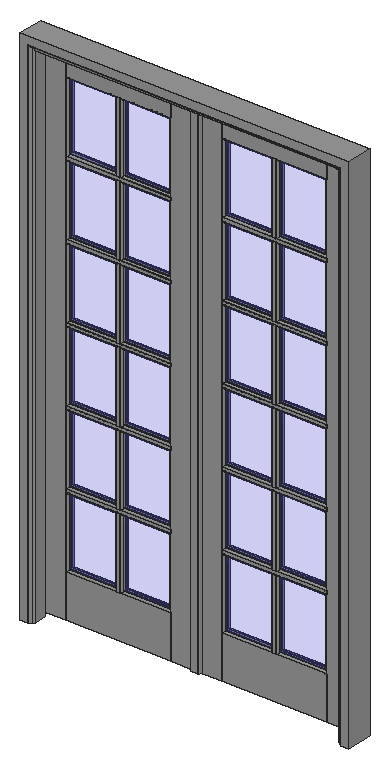
Revit family "I12LIGHT", category Doors, host Wall, Revit 2013
Parameters (values of type "I12LIGHT")
  Function = Interior
  Frame Projection Ext. = 25 mm
  Frame Projection Int. = 25 mm
  Frame Width = 75 mm
  Height = 2090 mm
  Wall Closure = By host
  Width = 1306 mm
Reference planes
  plane 1: y = 0
  plane 2 "Center (Left/Right)": x = 0
  plane 3 "Left": x = -653
  plane 4 "Right": x = 653
  plane 5: z = 2090
  plane 6 "Exterior": y = 75
  plane 7 "Interior": y = -75
  plane 8: z = 1947
  plane 9: z = 1681.667
Forms (mm)
  Sweep 1, solid, material "Lauan, Meranti"
    path origin (0, 75, 0) x (1, 0, 0) y (0, 0, 1)
      loop
        line (653, 0) -> (653, 2090) -> (-653, 2090) -> (-653, 0)
    profile "Van Acht 105x50 Door Frame Routed Profile (Heavy) : Van Acht 105x50 Door Frame Routed Profile (Heavy)" origin (653, 75, 1045) x (-1, 0, 0) y (0, -1, 0)
      loop
        line (0, 22.5) -> (38, 22.5) -> (38, 67.5) -> (50, 67.5) -> (50, 112.5)
        arc (50, 112.5) -> (44.957, 114.29) -> (42.17, 118.859) r 8
        line (42.17, 118.859) -> (39, 118.859)
        arc (39, 118.859) -> (35.311, 122.973) -> (30, 124.5) r 10
        line (30, 124.5) -> (30, 127.5) -> (0, 127.5) -> (0, 22.5)
  Extrusion 2, solid, material "Lauan, Meranti"
    sketch origin (207.949, -85, 0) x (0, 1, 0) y (0, 0, 1)
      loop
        line (132.5, 20) -> (132.5, 191) -> (102.5, 191) -> (102.5, 200) -> (100.5, 200) -> (100.5, 198)
        arc (100.5, 198) -> (96.134, 195.67) -> (94.5, 191) r 6.807
        line (94.5, 191) -> (92.5, 191) -> (92.5, 20) -> (132.5, 20)
      loop
        line (102.5, 1956) -> (132.5, 1956) -> (132.5, 2052) -> (92.5, 2052) -> (92.5, 1956) -> (94.5, 1956)
        arc (94.5, 1956) -> (96.134, 1951.33) -> (100.5, 1949) r 6.807
        line (100.5, 1949) -> (100.5, 1947) -> (102.5, 1947) -> (102.5, 1956)
    from -106.949 to 311.051
  Extrusion 3, solid, material "Lauan, Meranti"
    sketch origin (0, 0, 0) x (1, 0, 0) y (0, 1, 0)
      loop
        line (519, 17.5) -> (510, 17.5) -> (510, 15.5) -> (512, 15.5)
        arc (512, 15.5) -> (514.33, 11.134) -> (519, 9.5) r 6.807
        line (519, 9.5) -> (519, 7.5) -> (615, 7.5) -> (615, 47.5) -> (519, 47.5) -> (519, 17.5)
      loop
        line (101, 17.5) -> (101, 47.5) -> (5, 47.5) -> (5, 7.5) -> (101, 7.5) -> (101, 9.5)
        arc (101, 9.5) -> (105.67, 11.134) -> (108, 15.5) r 6.807
        line (108, 15.5) -> (110, 15.5) -> (110, 17.5) -> (101, 17.5)
    from 20 to 2052
  Extrusion 4, solid, material "Lauan, Meranti"
    sketch origin (0, 0, 1439.918) x (1, 0, 0) y (0, 1, 0)
      loop
        line (294.5, 17.5) -> (294.5, 15.5) -> (296.5, 15.5)
        arc (296.5, 15.5) -> (298.83, 11.134) -> (303.5, 9.5) r 6.807
        line (303.5, 9.5) -> (303.5, 7.5) -> (316.5, 7.5) -> (316.5, 9.5)
        arc (316.5, 9.5) -> (321.17, 11.134) -> (323.5, 15.5) r 6.807
        line (323.5, 15.5) -> (325.5, 15.5) -> (325.5, 17.5) -> (316.5, 17.5) -> (316.5, 47.5) -> (303.5, 47.5) -> (303.5, 17.5) -> (294.5, 17.5)
    from 232.749 to 516.082
  Extrusion 5, solid, material "Lauan, Meranti"
    sketch origin (0, 0, 0) x (0, 1, 0) y (0, 0, 1)
      loop
        line (17.5, 1650.667) -> (17.5, 1659.667) -> (47.5, 1659.667) -> (47.5, 1672.667) -> (17.5, 1672.667) -> (17.5, 1681.667) -> (15.5, 1681.667) -> (15.5, 1679.667)
        arc (15.5, 1679.667) -> (11.134, 1677.337) -> (9.5, 1672.667) r 6.807
        line (9.5, 1672.667) -> (7.5, 1672.667) -> (7.5, 1659.667) -> (9.5, 1659.667)
        arc (9.5, 1659.667) -> (11.134, 1654.996) -> (15.5, 1652.667) r 6.807
        line (15.5, 1652.667) -> (15.5, 1650.667) -> (17.5, 1650.667)
    from 101 to 519
  Extrusion 6, solid, material "Lauan, Meranti"
    sketch origin (0, 0, 1143.584) x (1, 0, 0) y (0, 1, 0)
      loop
        line (294.5, 17.5) -> (294.5, 15.5) -> (296.5, 15.5)
        arc (296.5, 15.5) -> (298.83, 11.134) -> (303.5, 9.5) r 6.807
        line (303.5, 9.5) -> (303.5, 7.5) -> (316.5, 7.5) -> (316.5, 9.5)
        arc (316.5, 9.5) -> (321.17, 11.134) -> (323.5, 15.5) r 6.807
        line (323.5, 15.5) -> (325.5, 15.5) -> (325.5, 17.5) -> (316.5, 17.5) -> (316.5, 47.5) -> (303.5, 47.5) -> (303.5, 17.5) -> (294.5, 17.5)
    from 232.749 to 516.082
  Extrusion 7, solid, material "Lauan, Meranti"
    sketch origin (0, 0, -296.333) x (0, 1, 0) y (0, 0, 1)
      loop
        line (17.5, 1650.667) -> (17.5, 1659.667) -> (47.5, 1659.667) -> (47.5, 1672.667) -> (17.5, 1672.667) -> (17.5, 1681.667) -> (15.5, 1681.667) -> (15.5, 1679.667)
        arc (15.5, 1679.667) -> (11.134, 1677.337) -> (9.5, 1672.667) r 6.807
        line (9.5, 1672.667) -> (7.5, 1672.667) -> (7.5, 1659.667) -> (9.5, 1659.667)
        arc (9.5, 1659.667) -> (11.134, 1654.996) -> (15.5, 1652.667) r 6.807
        line (15.5, 1652.667) -> (15.5, 1650.667) -> (17.5, 1650.667)
    from 101 to 519
  Extrusion 8, solid, material "Lauan, Meranti"
    sketch origin (0, 0, 847.251) x (1, 0, 0) y (0, 1, 0)
      loop
        line (294.5, 17.5) -> (294.5, 15.5) -> (296.5, 15.5)
        arc (296.5, 15.5) -> (298.83, 11.134) -> (303.5, 9.5) r 6.807
        line (303.5, 9.5) -> (303.5, 7.5) -> (316.5, 7.5) -> (316.5, 9.5)
        arc (316.5, 9.5) -> (321.17, 11.134) -> (323.5, 15.5) r 6.807
        line (323.5, 15.5) -> (325.5, 15.5) -> (325.5, 17.5) -> (316.5, 17.5) -> (316.5, 47.5) -> (303.5, 47.5) -> (303.5, 17.5) -> (294.5, 17.5)
    from 232.749 to 516.082
  Extrusion 9, solid, material "Lauan, Meranti"
    sketch origin (0, 0, -592.667) x (0, 1, 0) y (0, 0, 1)
      loop
        line (17.5, 1650.667) -> (17.5, 1659.667) -> (47.5, 1659.667) -> (47.5, 1672.667) -> (17.5, 1672.667) -> (17.5, 1681.667) -> (15.5, 1681.667) -> (15.5, 1679.667)
        arc (15.5, 1679.667) -> (11.134, 1677.337) -> (9.5, 1672.667) r 6.807
        line (9.5, 1672.667) -> (7.5, 1672.667) -> (7.5, 1659.667) -> (9.5, 1659.667)
        arc (9.5, 1659.667) -> (11.134, 1654.996) -> (15.5, 1652.667) r 6.807
        line (15.5, 1652.667) -> (15.5, 1650.667) -> (17.5, 1650.667)
    from 101 to 519
  Extrusion 10, solid, material "Lauan, Meranti"
    sketch origin (0, 0, 550.918) x (1, 0, 0) y (0, 1, 0)
      loop
        line (294.5, 17.5) -> (294.5, 15.5) -> (296.5, 15.5)
        arc (296.5, 15.5) -> (298.83, 11.134) -> (303.5, 9.5) r 6.807
        line (303.5, 9.5) -> (303.5, 7.5) -> (316.5, 7.5) -> (316.5, 9.5)
        arc (316.5, 9.5) -> (321.17, 11.134) -> (323.5, 15.5) r 6.807
        line (323.5, 15.5) -> (325.5, 15.5) -> (325.5, 17.5) -> (316.5, 17.5) -> (316.5, 47.5) -> (303.5, 47.5) -> (303.5, 17.5) -> (294.5, 17.5)
    from 232.749 to 516.082
  Extrusion 11, solid, material "Lauan, Meranti"
    sketch origin (0, 0, -889) x (0, 1, 0) y (0, 0, 1)
      loop
        line (17.5, 1650.667) -> (17.5, 1659.667) -> (47.5, 1659.667) -> (47.5, 1672.667) -> (17.5, 1672.667) -> (17.5, 1681.667) -> (15.5, 1681.667) -> (15.5, 1679.667)
        arc (15.5, 1679.667) -> (11.134, 1677.337) -> (9.5, 1672.667) r 6.807
        line (9.5, 1672.667) -> (7.5, 1672.667) -> (7.5, 1659.667) -> (9.5, 1659.667)
        arc (9.5, 1659.667) -> (11.134, 1654.996) -> (15.5, 1652.667) r 6.807
        line (15.5, 1652.667) -> (15.5, 1650.667) -> (17.5, 1650.667)
    from 101 to 519
  Extrusion 12, solid, material "Lauan, Meranti"
    sketch origin (0, 0, 254.584) x (1, 0, 0) y (0, 1, 0)
      loop
        line (294.5, 17.5) -> (294.5, 15.5) -> (296.5, 15.5)
        arc (296.5, 15.5) -> (298.83, 11.134) -> (303.5, 9.5) r 6.807
        line (303.5, 9.5) -> (303.5, 7.5) -> (316.5, 7.5) -> (316.5, 9.5)
        arc (316.5, 9.5) -> (321.17, 11.134) -> (323.5, 15.5) r 6.807
        line (323.5, 15.5) -> (325.5, 15.5) -> (325.5, 17.5) -> (316.5, 17.5) -> (316.5, 47.5) -> (303.5, 47.5) -> (303.5, 17.5) -> (294.5, 17.5)
    from 232.749 to 516.082
  Extrusion 13, solid, material "Lauan, Meranti"
    sketch origin (0, 0, -1185.333) x (0, 1, 0) y (0, 0, 1)
      loop
        line (17.5, 1650.667) -> (17.5, 1659.667) -> (47.5, 1659.667) -> (47.5, 1672.667) -> (17.5, 1672.667) -> (17.5, 1681.667) -> (15.5, 1681.667) -> (15.5, 1679.667)
        arc (15.5, 1679.667) -> (11.134, 1677.337) -> (9.5, 1672.667) r 6.807
        line (9.5, 1672.667) -> (7.5, 1672.667) -> (7.5, 1659.667) -> (9.5, 1659.667)
        arc (9.5, 1659.667) -> (11.134, 1654.996) -> (15.5, 1652.667) r 6.807
        line (15.5, 1652.667) -> (15.5, 1650.667) -> (17.5, 1650.667)
    from 101 to 519
  Extrusion 14, solid, material "Lauan, Meranti"
    sketch origin (0, 0, -41.749) x (1, 0, 0) y (0, 1, 0)
      loop
        line (294.5, 17.5) -> (294.5, 15.5) -> (296.5, 15.5)
        arc (296.5, 15.5) -> (298.83, 11.134) -> (303.5, 9.5) r 6.807
        line (303.5, 9.5) -> (303.5, 7.5) -> (316.5, 7.5) -> (316.5, 9.5)
        arc (316.5, 9.5) -> (321.17, 11.134) -> (323.5, 15.5) r 6.807
        line (323.5, 15.5) -> (325.5, 15.5) -> (325.5, 17.5) -> (316.5, 17.5) -> (316.5, 47.5) -> (303.5, 47.5) -> (303.5, 17.5) -> (294.5, 17.5)
    from 232.749 to 516.082
  Extrusion 15, solid, material "Glass"
    sketch origin (0, 75, 0) x (1, 0, 0) y (0, 0, 1)
      loop
        line (519, 1956) -> (316.5, 1956) -> (316.5, 1672.667) -> (519, 1672.667) -> (519, 1956)
    from 49.5 to 57.5
  Extrusion 16, solid, material "Glass"
    sketch origin (-215.5, 75, 0) x (1, 0, 0) y (0, 0, 1)
      loop
        line (519, 1956) -> (316.5, 1956) -> (316.5, 1672.667) -> (519, 1672.667) -> (519, 1956)
    from 49.5 to 57.5
  Extrusion 17, solid, material "Glass"
    sketch origin (0, 75, -296.333) x (1, 0, 0) y (0, 0, 1)
      loop
        line (519, 1956) -> (316.5, 1956) -> (316.5, 1672.667) -> (519, 1672.667) -> (519, 1956)
    from 49.5 to 57.5
  Extrusion 18, solid, material "Glass"
    sketch origin (-215.5, 75, -296.333) x (1, 0, 0) y (0, 0, 1)
      loop
        line (519, 1956) -> (316.5, 1956) -> (316.5, 1672.667) -> (519, 1672.667) -> (519, 1956)
    from 49.5 to 57.5
  Extrusion 19, solid, material "Glass"
    sketch origin (0, 75, -592.667) x (1, 0, 0) y (0, 0, 1)
      loop
        line (519, 1956) -> (316.5, 1956) -> (316.5, 1672.667) -> (519, 1672.667) -> (519, 1956)
    from 49.5 to 57.5
  Extrusion 20, solid, material "Glass"
    sketch origin (-215.5, 75, -592.667) x (1, 0, 0) y (0, 0, 1)
      loop
        line (519, 1956) -> (316.5, 1956) -> (316.5, 1672.667) -> (519, 1672.667) -> (519, 1956)
    from 49.5 to 57.5
  Extrusion 21, solid, material "Glass"
    sketch origin (0, 75, -889) x (1, 0, 0) y (0, 0, 1)
      loop
        line (519, 1956) -> (316.5, 1956) -> (316.5, 1672.667) -> (519, 1672.667) -> (519, 1956)
    from 49.5 to 57.5
  Extrusion 22, solid, material "Glass"
    sketch origin (-215.5, 75, -889) x (1, 0, 0) y (0, 0, 1)
      loop
        line (519, 1956) -> (316.5, 1956) -> (316.5, 1672.667) -> (519, 1672.667) -> (519, 1956)
    from 49.5 to 57.5
  Extrusion 23, solid, material "Glass"
    sketch origin (0, 75, -1185.333) x (1, 0, 0) y (0, 0, 1)
      loop
        line (519, 1956) -> (316.5, 1956) -> (316.5, 1672.667) -> (519, 1672.667) -> (519, 1956)
    from 49.5 to 57.5
  Extrusion 24, solid, material "Glass"
    sketch origin (-215.5, 75, -1185.333) x (1, 0, 0) y (0, 0, 1)
      loop
        line (519, 1956) -> (316.5, 1956) -> (316.5, 1672.667) -> (519, 1672.667) -> (519, 1956)
    from 49.5 to 57.5
  Extrusion 25, solid, material "Glass"
    sketch origin (0, 75, -1481.667) x (1, 0, 0) y (0, 0, 1)
      loop
        line (519, 1956) -> (316.5, 1956) -> (316.5, 1672.667) -> (519, 1672.667) -> (519, 1956)
    from 49.5 to 57.5
  Extrusion 26, solid, material "Glass"
    sketch origin (-215.5, 75, -1481.667) x (1, 0, 0) y (0, 0, 1)
      loop
        line (519, 1956) -> (316.5, 1956) -> (316.5, 1672.667) -> (519, 1672.667) -> (519, 1956)
    from 49.5 to 57.5
  Sweep 27, solid, material "Lauan, Meranti"
    path origin (0, 75, 0) x (1, 0, 0) y (0, 0, 1)
      loop
        line (519, 1956) -> (316.5, 1956) -> (316.5, 1672.667) -> (519, 1672.667) -> (519, 1956)
    profile origin (417.75, 75, 1956) x (0, 0, -1) y (0, -1, 0)
      loop
        line (9, 49.5) -> (0, 49.5) -> (0, 41.5)
        arc (0, 41.5) -> (4.67, 43.134) -> (7, 47.5) r 6.807
        line (7, 47.5) -> (9, 47.5) -> (9, 49.5)
  Sweep 28, solid, material "Lauan, Meranti"
    path origin (-215.5, 75, 0) x (1, 0, 0) y (0, 0, 1)
      loop
        line (519, 1956) -> (316.5, 1956) -> (316.5, 1672.667) -> (519, 1672.667) -> (519, 1956)
    profile origin (202.25, 75, 1956) x (0, 0, -1) y (0, -1, 0)
      loop
        line (9, 49.5) -> (0, 49.5) -> (0, 41.5)
        arc (0, 41.5) -> (4.67, 43.134) -> (7, 47.5) r 6.807
        line (7, 47.5) -> (9, 47.5) -> (9, 49.5)
  Sweep 29, solid, material "Lauan, Meranti"
    path origin (0, 75, -296.322) x (1, 0, 0) y (0, 0, 1)
      loop
        line (519, 1956) -> (316.5, 1956) -> (316.5, 1672.667) -> (519, 1672.667) -> (519, 1956)
    profile origin (417.75, 75, 1659.678) x (0, 0, -1) y (0, -1, 0)
      loop
        line (9, 49.5) -> (0, 49.5) -> (0, 41.5)
        arc (0, 41.5) -> (4.67, 43.134) -> (7, 47.5) r 6.807
        line (7, 47.5) -> (9, 47.5) -> (9, 49.5)
  Sweep 30, solid, material "Lauan, Meranti"
    path origin (-215.5, 75, -296.322) x (1, 0, 0) y (0, 0, 1)
      loop
        line (519, 1956) -> (316.5, 1956) -> (316.5, 1672.667) -> (519, 1672.667) -> (519, 1956)
    profile origin (202.25, 75, 1659.678) x (0, 0, -1) y (0, -1, 0)
      loop
        line (9, 49.5) -> (0, 49.5) -> (0, 41.5)
        arc (0, 41.5) -> (4.67, 43.134) -> (7, 47.5) r 6.807
        line (7, 47.5) -> (9, 47.5) -> (9, 49.5)
  Sweep 31, solid, material "Lauan, Meranti"
    path origin (0, 75, -592.656) x (1, 0, 0) y (0, 0, 1)
      loop
        line (519, 1956) -> (316.5, 1956) -> (316.5, 1672.667) -> (519, 1672.667) -> (519, 1956)
    profile origin (417.75, 75, 1363.344) x (0, 0, -1) y (0, -1, 0)
      loop
        line (9, 49.5) -> (0, 49.5) -> (0, 41.5)
        arc (0, 41.5) -> (4.67, 43.134) -> (7, 47.5) r 6.807
        line (7, 47.5) -> (9, 47.5) -> (9, 49.5)
  Sweep 32, solid, material "Lauan, Meranti"
    path origin (-215.5, 75, -592.656) x (1, 0, 0) y (0, 0, 1)
      loop
        line (519, 1956) -> (316.5, 1956) -> (316.5, 1672.667) -> (519, 1672.667) -> (519, 1956)
    profile origin (202.25, 75, 1363.344) x (0, 0, -1) y (0, -1, 0)
      loop
        line (9, 49.5) -> (0, 49.5) -> (0, 41.5)
        arc (0, 41.5) -> (4.67, 43.134) -> (7, 47.5) r 6.807
        line (7, 47.5) -> (9, 47.5) -> (9, 49.5)
  Sweep 33, solid, material "Lauan, Meranti"
    path origin (0, 75, -888.989) x (1, 0, 0) y (0, 0, 1)
      loop
        line (519, 1956) -> (316.5, 1956) -> (316.5, 1672.667) -> (519, 1672.667) -> (519, 1956)
    profile origin (417.75, 75, 1067.011) x (0, 0, -1) y (0, -1, 0)
      loop
        line (9, 49.5) -> (0, 49.5) -> (0, 41.5)
        arc (0, 41.5) -> (4.67, 43.134) -> (7, 47.5) r 6.807
        line (7, 47.5) -> (9, 47.5) -> (9, 49.5)
  Sweep 34, solid, material "Lauan, Meranti"
    path origin (-215.5, 75, -888.989) x (1, 0, 0) y (0, 0, 1)
      loop
        line (519, 1956) -> (316.5, 1956) -> (316.5, 1672.667) -> (519, 1672.667) -> (519, 1956)
    profile origin (202.25, 75, 1067.011) x (0, 0, -1) y (0, -1, 0)
      loop
        line (9, 49.5) -> (0, 49.5) -> (0, 41.5)
        arc (0, 41.5) -> (4.67, 43.134) -> (7, 47.5) r 6.807
        line (7, 47.5) -> (9, 47.5) -> (9, 49.5)
  Sweep 35, solid, material "Lauan, Meranti"
    path origin (0, 75, -1185.322) x (1, 0, 0) y (0, 0, 1)
      loop
        line (519, 1956) -> (316.5, 1956) -> (316.5, 1672.667) -> (519, 1672.667) -> (519, 1956)
    profile origin (417.75, 75, 770.678) x (0, 0, -1) y (0, -1, 0)
      loop
        line (9, 49.5) -> (0, 49.5) -> (0, 41.5)
        arc (0, 41.5) -> (4.67, 43.134) -> (7, 47.5) r 6.807
        line (7, 47.5) -> (9, 47.5) -> (9, 49.5)
  Sweep 36, solid, material "Lauan, Meranti"
    path origin (-215.5, 75, -1185.322) x (1, 0, 0) y (0, 0, 1)
      loop
        line (519, 1956) -> (316.5, 1956) -> (316.5, 1672.667) -> (519, 1672.667) -> (519, 1956)
    profile origin (202.25, 75, 770.678) x (0, 0, -1) y (0, -1, 0)
      loop
        line (9, 49.5) -> (0, 49.5) -> (0, 41.5)
        arc (0, 41.5) -> (4.67, 43.134) -> (7, 47.5) r 6.807
        line (7, 47.5) -> (9, 47.5) -> (9, 49.5)
  Sweep 37, solid, material "Lauan, Meranti"
    path origin (0, 75, -1481.656) x (1, 0, 0) y (0, 0, 1)
      loop
        line (519, 1956) -> (316.5, 1956) -> (316.5, 1672.667) -> (519, 1672.667) -> (519, 1956)
    profile origin (417.75, 75, 474.344) x (0, 0, -1) y (0, -1, 0)
      loop
        line (9, 49.5) -> (0, 49.5) -> (0, 41.5)
        arc (0, 41.5) -> (4.67, 43.134) -> (7, 47.5) r 6.807
        line (7, 47.5) -> (9, 47.5) -> (9, 49.5)
  Sweep 38, solid, material "Lauan, Meranti"
    path origin (-215.5, 75, -1481.656) x (1, 0, 0) y (0, 0, 1)
      loop
        line (519, 1956) -> (316.5, 1956) -> (316.5, 1672.667) -> (519, 1672.667) -> (519, 1956)
    profile origin (202.25, 75, 474.344) x (0, 0, -1) y (0, -1, 0)
      loop
        line (9, 49.5) -> (0, 49.5) -> (0, 41.5)
        arc (0, 41.5) -> (4.67, 43.134) -> (7, 47.5) r 6.807
        line (7, 47.5) -> (9, 47.5) -> (9, 49.5)
  Extrusion 39, solid, material "Lauan, Meranti"
    sketch origin (-412.051, -85, 0) x (0, 1, 0) y (0, 0, 1)
      loop
        line (132.5, 20) -> (132.5, 191) -> (102.5, 191) -> (102.5, 200) -> (100.5, 200) -> (100.5, 198)
        arc (100.5, 198) -> (96.134, 195.67) -> (94.5, 191) r 6.807
        line (94.5, 191) -> (92.5, 191) -> (92.5, 20) -> (132.5, 20)
      loop
        line (102.5, 1956) -> (132.5, 1956) -> (132.5, 2052) -> (92.5, 2052) -> (92.5, 1956) -> (94.5, 1956)
        arc (94.5, 1956) -> (96.134, 1951.33) -> (100.5, 1949) r 6.807
        line (100.5, 1949) -> (100.5, 1947) -> (102.5, 1947) -> (102.5, 1956)
    from -106.949 to 311.051
  Extrusion 40, solid, material "Lauan, Meranti"
    sketch origin (-620, 0, 0) x (1, 0, 0) y (0, 1, 0)
      loop
        line (519, 17.5) -> (510, 17.5) -> (510, 15.5) -> (512, 15.5)
        arc (512, 15.5) -> (514.33, 11.134) -> (519, 9.5) r 6.807
        line (519, 9.5) -> (519, 7.5) -> (615, 7.5) -> (615, 47.5) -> (519, 47.5) -> (519, 17.5)
      loop
        line (101, 17.5) -> (101, 47.5) -> (5, 47.5) -> (5, 7.5) -> (101, 7.5) -> (101, 9.5)
        arc (101, 9.5) -> (105.67, 11.134) -> (108, 15.5) r 6.807
        line (108, 15.5) -> (110, 15.5) -> (110, 17.5) -> (101, 17.5)
    from 20 to 2052
  Extrusion 41, solid, material "Lauan, Meranti"
    sketch origin (-620, 0, 1439.918) x (1, 0, 0) y (0, 1, 0)
      loop
        line (294.5, 17.5) -> (294.5, 15.5) -> (296.5, 15.5)
        arc (296.5, 15.5) -> (298.83, 11.134) -> (303.5, 9.5) r 6.807
        line (303.5, 9.5) -> (303.5, 7.5) -> (316.5, 7.5) -> (316.5, 9.5)
        arc (316.5, 9.5) -> (321.17, 11.134) -> (323.5, 15.5) r 6.807
        line (323.5, 15.5) -> (325.5, 15.5) -> (325.5, 17.5) -> (316.5, 17.5) -> (316.5, 47.5) -> (303.5, 47.5) -> (303.5, 17.5) -> (294.5, 17.5)
    from 232.749 to 516.082
  Extrusion 42, solid, material "Lauan, Meranti"
    sketch origin (-620, 0, 0) x (0, 1, 0) y (0, 0, 1)
      loop
        line (17.5, 1650.667) -> (17.5, 1659.667) -> (47.5, 1659.667) -> (47.5, 1672.667) -> (17.5, 1672.667) -> (17.5, 1681.667) -> (15.5, 1681.667) -> (15.5, 1679.667)
        arc (15.5, 1679.667) -> (11.134, 1677.337) -> (9.5, 1672.667) r 6.807
        line (9.5, 1672.667) -> (7.5, 1672.667) -> (7.5, 1659.667) -> (9.5, 1659.667)
        arc (9.5, 1659.667) -> (11.134, 1654.996) -> (15.5, 1652.667) r 6.807
        line (15.5, 1652.667) -> (15.5, 1650.667) -> (17.5, 1650.667)
    from 101 to 519
  Extrusion 43, solid, material "Lauan, Meranti"
    sketch origin (-620, 0, 1143.584) x (1, 0, 0) y (0, 1, 0)
      loop
        line (294.5, 17.5) -> (294.5, 15.5) -> (296.5, 15.5)
        arc (296.5, 15.5) -> (298.83, 11.134) -> (303.5, 9.5) r 6.807
        line (303.5, 9.5) -> (303.5, 7.5) -> (316.5, 7.5) -> (316.5, 9.5)
        arc (316.5, 9.5) -> (321.17, 11.134) -> (323.5, 15.5) r 6.807
        line (323.5, 15.5) -> (325.5, 15.5) -> (325.5, 17.5) -> (316.5, 17.5) -> (316.5, 47.5) -> (303.5, 47.5) -> (303.5, 17.5) -> (294.5, 17.5)
    from 232.749 to 516.082
  Extrusion 44, solid, material "Lauan, Meranti"
    sketch origin (-620, 0, -296.333) x (0, 1, 0) y (0, 0, 1)
      loop
        line (17.5, 1650.667) -> (17.5, 1659.667) -> (47.5, 1659.667) -> (47.5, 1672.667) -> (17.5, 1672.667) -> (17.5, 1681.667) -> (15.5, 1681.667) -> (15.5, 1679.667)
        arc (15.5, 1679.667) -> (11.134, 1677.337) -> (9.5, 1672.667) r 6.807
        line (9.5, 1672.667) -> (7.5, 1672.667) -> (7.5, 1659.667) -> (9.5, 1659.667)
        arc (9.5, 1659.667) -> (11.134, 1654.996) -> (15.5, 1652.667) r 6.807
        line (15.5, 1652.667) -> (15.5, 1650.667) -> (17.5, 1650.667)
    from 101 to 519
  Extrusion 45, solid, material "Lauan, Meranti"
    sketch origin (-620, 0, 847.251) x (1, 0, 0) y (0, 1, 0)
      loop
        line (294.5, 17.5) -> (294.5, 15.5) -> (296.5, 15.5)
        arc (296.5, 15.5) -> (298.83, 11.134) -> (303.5, 9.5) r 6.807
        line (303.5, 9.5) -> (303.5, 7.5) -> (316.5, 7.5) -> (316.5, 9.5)
        arc (316.5, 9.5) -> (321.17, 11.134) -> (323.5, 15.5) r 6.807
        line (323.5, 15.5) -> (325.5, 15.5) -> (325.5, 17.5) -> (316.5, 17.5) -> (316.5, 47.5) -> (303.5, 47.5) -> (303.5, 17.5) -> (294.5, 17.5)
    from 232.749 to 516.082
  Extrusion 46, solid, material "Lauan, Meranti"
    sketch origin (-620, 0, -592.667) x (0, 1, 0) y (0, 0, 1)
      loop
        line (17.5, 1650.667) -> (17.5, 1659.667) -> (47.5, 1659.667) -> (47.5, 1672.667) -> (17.5, 1672.667) -> (17.5, 1681.667) -> (15.5, 1681.667) -> (15.5, 1679.667)
        arc (15.5, 1679.667) -> (11.134, 1677.337) -> (9.5, 1672.667) r 6.807
        line (9.5, 1672.667) -> (7.5, 1672.667) -> (7.5, 1659.667) -> (9.5, 1659.667)
        arc (9.5, 1659.667) -> (11.134, 1654.996) -> (15.5, 1652.667) r 6.807
        line (15.5, 1652.667) -> (15.5, 1650.667) -> (17.5, 1650.667)
    from 101 to 519
  Extrusion 47, solid, material "Lauan, Meranti"
    sketch origin (-620, 0, 550.918) x (1, 0, 0) y (0, 1, 0)
      loop
        line (294.5, 17.5) -> (294.5, 15.5) -> (296.5, 15.5)
        arc (296.5, 15.5) -> (298.83, 11.134) -> (303.5, 9.5) r 6.807
        line (303.5, 9.5) -> (303.5, 7.5) -> (316.5, 7.5) -> (316.5, 9.5)
        arc (316.5, 9.5) -> (321.17, 11.134) -> (323.5, 15.5) r 6.807
        line (323.5, 15.5) -> (325.5, 15.5) -> (325.5, 17.5) -> (316.5, 17.5) -> (316.5, 47.5) -> (303.5, 47.5) -> (303.5, 17.5) -> (294.5, 17.5)
    from 232.749 to 516.082
  Extrusion 48, solid, material "Lauan, Meranti"
    sketch origin (-620, 0, -889) x (0, 1, 0) y (0, 0, 1)
      loop
        line (17.5, 1650.667) -> (17.5, 1659.667) -> (47.5, 1659.667) -> (47.5, 1672.667) -> (17.5, 1672.667) -> (17.5, 1681.667) -> (15.5, 1681.667) -> (15.5, 1679.667)
        arc (15.5, 1679.667) -> (11.134, 1677.337) -> (9.5, 1672.667) r 6.807
        line (9.5, 1672.667) -> (7.5, 1672.667) -> (7.5, 1659.667) -> (9.5, 1659.667)
        arc (9.5, 1659.667) -> (11.134, 1654.996) -> (15.5, 1652.667) r 6.807
        line (15.5, 1652.667) -> (15.5, 1650.667) -> (17.5, 1650.667)
    from 101 to 519
  Extrusion 49, solid, material "Lauan, Meranti"
    sketch origin (-620, 0, 254.584) x (1, 0, 0) y (0, 1, 0)
      loop
        line (294.5, 17.5) -> (294.5, 15.5) -> (296.5, 15.5)
        arc (296.5, 15.5) -> (298.83, 11.134) -> (303.5, 9.5) r 6.807
        line (303.5, 9.5) -> (303.5, 7.5) -> (316.5, 7.5) -> (316.5, 9.5)
        arc (316.5, 9.5) -> (321.17, 11.134) -> (323.5, 15.5) r 6.807
        line (323.5, 15.5) -> (325.5, 15.5) -> (325.5, 17.5) -> (316.5, 17.5) -> (316.5, 47.5) -> (303.5, 47.5) -> (303.5, 17.5) -> (294.5, 17.5)
    from 232.749 to 516.082
  Extrusion 50, solid, material "Lauan, Meranti"
    sketch origin (-620, 0, -1185.333) x (0, 1, 0) y (0, 0, 1)
      loop
        line (17.5, 1650.667) -> (17.5, 1659.667) -> (47.5, 1659.667) -> (47.5, 1672.667) -> (17.5, 1672.667) -> (17.5, 1681.667) -> (15.5, 1681.667) -> (15.5, 1679.667)
        arc (15.5, 1679.667) -> (11.134, 1677.337) -> (9.5, 1672.667) r 6.807
        line (9.5, 1672.667) -> (7.5, 1672.667) -> (7.5, 1659.667) -> (9.5, 1659.667)
        arc (9.5, 1659.667) -> (11.134, 1654.996) -> (15.5, 1652.667) r 6.807
        line (15.5, 1652.667) -> (15.5, 1650.667) -> (17.5, 1650.667)
    from 101 to 519
  Extrusion 51, solid, material "Lauan, Meranti"
    sketch origin (-620, 0, -41.749) x (1, 0, 0) y (0, 1, 0)
      loop
        line (294.5, 17.5) -> (294.5, 15.5) -> (296.5, 15.5)
        arc (296.5, 15.5) -> (298.83, 11.134) -> (303.5, 9.5) r 6.807
        line (303.5, 9.5) -> (303.5, 7.5) -> (316.5, 7.5) -> (316.5, 9.5)
        arc (316.5, 9.5) -> (321.17, 11.134) -> (323.5, 15.5) r 6.807
        line (323.5, 15.5) -> (325.5, 15.5) -> (325.5, 17.5) -> (316.5, 17.5) -> (316.5, 47.5) -> (303.5, 47.5) -> (303.5, 17.5) -> (294.5, 17.5)
    from 232.749 to 516.082
  Extrusion 52, solid, material "Glass"
    sketch origin (-620, 75, 0) x (1, 0, 0) y (0, 0, 1)
      loop
        line (519, 1956) -> (316.5, 1956) -> (316.5, 1672.667) -> (519, 1672.667) -> (519, 1956)
    from 49.5 to 57.5
  Extrusion 53, solid, material "Glass"
    sketch origin (-835.5, 75, 0) x (1, 0, 0) y (0, 0, 1)
      loop
        line (519, 1956) -> (316.5, 1956) -> (316.5, 1672.667) -> (519, 1672.667) -> (519, 1956)
    from 49.5 to 57.5
  Extrusion 54, solid, material "Glass"
    sketch origin (-620, 75, -296.333) x (1, 0, 0) y (0, 0, 1)
      loop
        line (519, 1956) -> (316.5, 1956) -> (316.5, 1672.667) -> (519, 1672.667) -> (519, 1956)
    from 49.5 to 57.5
  Extrusion 55, solid, material "Glass"
    sketch origin (-835.5, 75, -296.333) x (1, 0, 0) y (0, 0, 1)
      loop
        line (519, 1956) -> (316.5, 1956) -> (316.5, 1672.667) -> (519, 1672.667) -> (519, 1956)
    from 49.5 to 57.5
  Extrusion 56, solid, material "Glass"
    sketch origin (-620, 75, -592.667) x (1, 0, 0) y (0, 0, 1)
      loop
        line (519, 1956) -> (316.5, 1956) -> (316.5, 1672.667) -> (519, 1672.667) -> (519, 1956)
    from 49.5 to 57.5
  Extrusion 57, solid, material "Glass"
    sketch origin (-835.5, 75, -592.667) x (1, 0, 0) y (0, 0, 1)
      loop
        line (519, 1956) -> (316.5, 1956) -> (316.5, 1672.667) -> (519, 1672.667) -> (519, 1956)
    from 49.5 to 57.5
  Extrusion 58, solid, material "Glass"
    sketch origin (-620, 75, -889) x (1, 0, 0) y (0, 0, 1)
      loop
        line (519, 1956) -> (316.5, 1956) -> (316.5, 1672.667) -> (519, 1672.667) -> (519, 1956)
    from 49.5 to 57.5
  Extrusion 59, solid, material "Glass"
    sketch origin (-835.5, 75, -889) x (1, 0, 0) y (0, 0, 1)
      loop
        line (519, 1956) -> (316.5, 1956) -> (316.5, 1672.667) -> (519, 1672.667) -> (519, 1956)
    from 49.5 to 57.5
  Extrusion 60, solid, material "Glass"
    sketch origin (-620, 75, -1185.333) x (1, 0, 0) y (0, 0, 1)
      loop
        line (519, 1956) -> (316.5, 1956) -> (316.5, 1672.667) -> (519, 1672.667) -> (519, 1956)
    from 49.5 to 57.5
  Extrusion 61, solid, material "Glass"
    sketch origin (-835.5, 75, -1185.333) x (1, 0, 0) y (0, 0, 1)
      loop
        line (519, 1956) -> (316.5, 1956) -> (316.5, 1672.667) -> (519, 1672.667) -> (519, 1956)
    from 49.5 to 57.5
  Extrusion 62, solid, material "Glass"
    sketch origin (-620, 75, -1481.667) x (1, 0, 0) y (0, 0, 1)
      loop
        line (519, 1956) -> (316.5, 1956) -> (316.5, 1672.667) -> (519, 1672.667) -> (519, 1956)
    from 49.5 to 57.5
  Extrusion 63, solid, material "Glass"
    sketch origin (-835.5, 75, -1481.667) x (1, 0, 0) y (0, 0, 1)
      loop
        line (519, 1956) -> (316.5, 1956) -> (316.5, 1672.667) -> (519, 1672.667) -> (519, 1956)
    from 49.5 to 57.5
  Sweep 64, solid, material "Lauan, Meranti"
    path origin (-620, 75, 0) x (1, 0, 0) y (0, 0, 1)
      loop
        line (519, 1956) -> (316.5, 1956) -> (316.5, 1672.667) -> (519, 1672.667) -> (519, 1956)
    profile origin (-202.25, 75, 1956) x (0, 0, -1) y (0, -1, 0)
      loop
        line (9, 49.5) -> (0, 49.5) -> (0, 41.5)
        arc (0, 41.5) -> (4.67, 43.134) -> (7, 47.5) r 6.807
        line (7, 47.5) -> (9, 47.5) -> (9, 49.5)
  Sweep 65, solid, material "Lauan, Meranti"
    path origin (-835.5, 75, 0) x (1, 0, 0) y (0, 0, 1)
      loop
        line (519, 1956) -> (316.5, 1956) -> (316.5, 1672.667) -> (519, 1672.667) -> (519, 1956)
    profile origin (-417.75, 75, 1956) x (0, 0, -1) y (0, -1, 0)
      loop
        line (9, 49.5) -> (0, 49.5) -> (0, 41.5)
        arc (0, 41.5) -> (4.67, 43.134) -> (7, 47.5) r 6.807
        line (7, 47.5) -> (9, 47.5) -> (9, 49.5)
  Sweep 66, solid, material "Lauan, Meranti"
    path origin (-620, 75, -296.322) x (1, 0, 0) y (0, 0, 1)
      loop
        line (519, 1956) -> (316.5, 1956) -> (316.5, 1672.667) -> (519, 1672.667) -> (519, 1956)
    profile origin (-202.25, 75, 1659.678) x (0, 0, -1) y (0, -1, 0)
      loop
        line (9, 49.5) -> (0, 49.5) -> (0, 41.5)
        arc (0, 41.5) -> (4.67, 43.134) -> (7, 47.5) r 6.807
        line (7, 47.5) -> (9, 47.5) -> (9, 49.5)
  Sweep 67, solid, material "Lauan, Meranti"
    path origin (-835.5, 75, -296.322) x (1, 0, 0) y (0, 0, 1)
      loop
        line (519, 1956) -> (316.5, 1956) -> (316.5, 1672.667) -> (519, 1672.667) -> (519, 1956)
    profile origin (-417.75, 75, 1659.678) x (0, 0, -1) y (0, -1, 0)
      loop
        line (9, 49.5) -> (0, 49.5) -> (0, 41.5)
        arc (0, 41.5) -> (4.67, 43.134) -> (7, 47.5) r 6.807
        line (7, 47.5) -> (9, 47.5) -> (9, 49.5)
  Sweep 68, solid, material "Lauan, Meranti"
    path origin (-620, 75, -592.656) x (1, 0, 0) y (0, 0, 1)
      loop
        line (519, 1956) -> (316.5, 1956) -> (316.5, 1672.667) -> (519, 1672.667) -> (519, 1956)
    profile origin (-202.25, 75, 1363.344) x (0, 0, -1) y (0, -1, 0)
      loop
        line (9, 49.5) -> (0, 49.5) -> (0, 41.5)
        arc (0, 41.5) -> (4.67, 43.134) -> (7, 47.5) r 6.807
        line (7, 47.5) -> (9, 47.5) -> (9, 49.5)
  Sweep 69, solid, material "Lauan, Meranti"
    path origin (-835.5, 75, -592.656) x (1, 0, 0) y (0, 0, 1)
      loop
        line (519, 1956) -> (316.5, 1956) -> (316.5, 1672.667) -> (519, 1672.667) -> (519, 1956)
    profile origin (-417.75, 75, 1363.344) x (0, 0, -1) y (0, -1, 0)
      loop
        line (9, 49.5) -> (0, 49.5) -> (0, 41.5)
        arc (0, 41.5) -> (4.67, 43.134) -> (7, 47.5) r 6.807
        line (7, 47.5) -> (9, 47.5) -> (9, 49.5)
  Sweep 70, solid, material "Lauan, Meranti"
    path origin (-620, 75, -888.989) x (1, 0, 0) y (0, 0, 1)
      loop
        line (519, 1956) -> (316.5, 1956) -> (316.5, 1672.667) -> (519, 1672.667) -> (519, 1956)
    profile origin (-202.25, 75, 1067.011) x (0, 0, -1) y (0, -1, 0)
      loop
        line (9, 49.5) -> (0, 49.5) -> (0, 41.5)
        arc (0, 41.5) -> (4.67, 43.134) -> (7, 47.5) r 6.807
        line (7, 47.5) -> (9, 47.5) -> (9, 49.5)
  Sweep 71, solid, material "Lauan, Meranti"
    path origin (-835.5, 75, -888.989) x (1, 0, 0) y (0, 0, 1)
      loop
        line (519, 1956) -> (316.5, 1956) -> (316.5, 1672.667) -> (519, 1672.667) -> (519, 1956)
    profile origin (-417.75, 75, 1067.011) x (0, 0, -1) y (0, -1, 0)
      loop
        line (9, 49.5) -> (0, 49.5) -> (0, 41.5)
        arc (0, 41.5) -> (4.67, 43.134) -> (7, 47.5) r 6.807
        line (7, 47.5) -> (9, 47.5) -> (9, 49.5)
  Sweep 72, solid, material "Lauan, Meranti"
    path origin (-620, 75, -1185.322) x (1, 0, 0) y (0, 0, 1)
      loop
        line (519, 1956) -> (316.5, 1956) -> (316.5, 1672.667) -> (519, 1672.667) -> (519, 1956)
    profile origin (-202.25, 75, 770.678) x (0, 0, -1) y (0, -1, 0)
      loop
        line (9, 49.5) -> (0, 49.5) -> (0, 41.5)
        arc (0, 41.5) -> (4.67, 43.134) -> (7, 47.5) r 6.807
        line (7, 47.5) -> (9, 47.5) -> (9, 49.5)
  Sweep 73, solid, material "Lauan, Meranti"
    path origin (-835.5, 75, -1185.322) x (1, 0, 0) y (0, 0, 1)
      loop
        line (519, 1956) -> (316.5, 1956) -> (316.5, 1672.667) -> (519, 1672.667) -> (519, 1956)
    profile origin (-417.75, 75, 770.678) x (0, 0, -1) y (0, -1, 0)
      loop
        line (9, 49.5) -> (0, 49.5) -> (0, 41.5)
        arc (0, 41.5) -> (4.67, 43.134) -> (7, 47.5) r 6.807
        line (7, 47.5) -> (9, 47.5) -> (9, 49.5)
  Sweep 74, solid, material "Lauan, Meranti"
    path origin (-620, 75, -1481.656) x (1, 0, 0) y (0, 0, 1)
      loop
        line (519, 1956) -> (316.5, 1956) -> (316.5, 1672.667) -> (519, 1672.667) -> (519, 1956)
    profile origin (-202.25, 75, 474.344) x (0, 0, -1) y (0, -1, 0)
      loop
        line (9, 49.5) -> (0, 49.5) -> (0, 41.5)
        arc (0, 41.5) -> (4.67, 43.134) -> (7, 47.5) r 6.807
        line (7, 47.5) -> (9, 47.5) -> (9, 49.5)
  Sweep 75, solid, material "Lauan, Meranti"
    path origin (-835.5, 75, -1481.656) x (1, 0, 0) y (0, 0, 1)
      loop
        line (519, 1956) -> (316.5, 1956) -> (316.5, 1672.667) -> (519, 1672.667) -> (519, 1956)
    profile origin (-417.75, 75, 474.344) x (0, 0, -1) y (0, -1, 0)
      loop
        line (9, 49.5) -> (0, 49.5) -> (0, 41.5)
        arc (0, 41.5) -> (4.67, 43.134) -> (7, 47.5) r 6.807
        line (7, 47.5) -> (9, 47.5) -> (9, 49.5)
  Extrusion 76, solid, material "Lauan, Meranti"
    sketch origin (0, 0, 0) x (1, 0, 0) y (0, 1, 0)
      loop
        line (-12, -2.5) -> (12, -2.5) -> (12, -0.5)
        arc (12, -0.5) -> (17.657, 1.843) -> (20, 7.5) r 8
        line (20, 7.5) -> (5, 7.5) -> (5, 39.5)
        spline (5, 39.5) -> (4.83, 42.088) -> (4.33, 44.5) -> (3.536, 46.571) -> (2.5, 48.16) -> (1.294, 49.159) -> (0, 49.5) -> (-1.294, 49.159) -> (-2.5, 48.16) -> (-3.536, 46.571) -> (-4.33, 44.5) -> (-4.83, 42.088) -> (-5, 39.5)
        line (-5, 39.5) -> (-5, 7.5) -> (-20, 7.5)
        arc (-20, 7.5) -> (-17.657, 1.843) -> (-12, -0.5) r 8
        line (-12, -0.5) -> (-12, -2.5)
    from 20 to 2040
  Extrusion 77, solid, material "Lauan, Meranti"
    sketch origin (0, 0, 1802) x (1, 0, 0) y (0, 1, 0)
      loop
        spline (5, 39.5) -> (4.83, 42.088) -> (4.33, 44.5) -> (3.536, 46.571) -> (2.5, 48.16) -> (1.294, 49.159) -> (0, 49.5) -> (-1.294, 49.159) -> (-2.5, 48.16) -> (-3.536, 46.571) -> (-4.33, 44.5) -> (-4.83, 42.088) -> (-5, 39.5)
        line (-5, 39.5) -> (-5, 7.5) -> (5, 7.5) -> (5, 39.5)
    from 238 to 250
Cuts and joins
  joined: Extrusion 76, Extrusion 77
Lines and regions (mm)
  Opening 1
    outline origin (-3050, -75, 0) x (1, 0, 0) y (0, 0, 1)
      loop
        line (2397, 0) -> (3703, 0) -> (3703, 2090) -> (2397, 2090) -> (2397, 0)
  symbolic lines, style "Elevation Swing"
    curve 1: line (0, -75, 1045) -> (-653, -75, 2090)
    curve 2: line (0, -75, 1045) -> (-653, -75, 0)
    curve 3: line (0, -75, 1045) -> (653, -75, 2090)
    curve 4: line (0, -75, 1045) -> (653, -75, 0)
  model lines
    curve 5: line (615, 52.5, 0) -> (615, 662.5, 0)
    curve 6: line (-615, 47.5, 0) -> (-615, 657.5, 0)
    curve 7: arc (-615, 657.5, 0) -> (-183.665, 478.835, 0) -> (-5, 47.5, 0) r 610
    curve 8: arc (615, 657.5, 0) -> (183.665, 478.835, 0) -> (5, 47.5, 0) r 610
Text (mm)
  text "Exterior" at (-2295.016, 1099.543, 0), in view "Ref. Level"
  text "Exterior" at (0, 1615.38, 3698.081), in view "Left"
  text "Exterior" at (0, 1036.032, 3874.932), in view "Right"
Dimensions and locks
  equal spacing: plane 3 "Left", plane 2 "Center (Left/Right)", plane 4 "Right"
  "Width": plane 3 "Left" to plane 4 "Right"
  "Height": plane 5 to host wall
  equal spacing: host wall, curve 2, plane 5
  host wall to plane 5 = 2090 mm
  locked: plane 6 "Exterior" to host wall at 0
  locked: plane 7 "Interior" to host wall
  plane 3 "Left" to plane 4 "Right" = 1306 mm  (x2)
  Extrusion 3 to Sweep 1 = 610 mm
  Extrusion 40 to Sweep 1 = 610 mm
  Extrusion 3 to Sweep 1 = 2032 mm
  aligned and locked: plane 3 "Left" to Opening 1 sketch curve
  aligned and locked: plane 5 to Opening 1 sketch curve  (x2)
  aligned and locked: Opening 1 sketch curve to plane 4 "Right"
  aligned and locked: Opening 1 sketch curve to level
  aligned and locked: plane 5 to curve 1
  aligned and locked: plane 3 "Left" to curve 2
  aligned and locked: plane 1 to host wall
  aligned and locked: plane 3 "Left" to curve 1
Automatic sketch dimensions
  curve 2 to plane 2 "Center (Left/Right)" = 0 mm
  curve 2 to level = 0 mm
  plane 3 "Left" to Sweep 1 sketch curve = 0 mm
  plane 4 "Right" to Sweep 1 sketch curve = 0 mm
  Sweep 1 sketch curve to plane 5 = 0 mm
  Sweep 1 sketch curve to level = 0 mm  (x2)
  curve 4 to plane 2 "Center (Left/Right)" = 0 mm
  curve 4 to plane 9 = 636.667 mm
  curve 4 to level = 0 mm
  plane 4 "Right" to curve 4 = 0 mm
  plane 4 "Right" to curve 3 = 0 mm
  curve 3 to plane 5 = 0 mm
  curve 6 to plane 3 "Left" = 38 mm
  host wall to curve 6 = 582.5 mm
  curve 7 to plane 2 "Center (Left/Right)" = 5 mm
  plane 2 "Center (Left/Right)" to curve 8 = 5 mm
  plane 4 "Right" to curve 8 = 38 mm
  curve 6 to curve 7 = 0 mm
  curve 8 to host wall = 27.5 mm
  curve 8 to curve 5 = 5 mm  (x2)
  Extrusion 2 sketch curve to plane 8 = 0 mm
  Extrusion 2 sketch curve to host wall = 7.5 mm  (x2)
  level to Extrusion 2 sketch curve = 20 mm
  Extrusion 2 sketch curve to Extrusion 2 sketch curve = 2 mm  (x5)
  plane 8 to Extrusion 2 sketch curve = 2 mm
  Extrusion 2 sketch curve to Extrusion 2 sketch curve = 6 mm  (x2)
  plane 8 to Extrusion 2 sketch curve = 9 mm
  Extrusion 2 sketch curve to host wall = 27.5 mm  (x2)
  Extrusion 2 sketch curve to Extrusion 2 sketch curve = 1.197 mm  (x2)
  Extrusion 2 sketch curve to Extrusion 2 sketch curve = 171 mm
  Extrusion 2 sketch curve to Extrusion 2 sketch curve = 0 mm  (x2)
  Extrusion 2 sketch curve to Extrusion 2 sketch curve = 7 mm
  plane 5 to Extrusion 2 sketch curve = 38 mm
  plane 2 "Center (Left/Right)" to Extrusion 3 sketch curve = 5 mm
  Extrusion 3 sketch curve to host wall = 7.5 mm  (x2)
  Extrusion 3 sketch curve to Extrusion 3 sketch curve = 96 mm
  Extrusion 3 sketch curve to Extrusion 3 sketch curve = 0 mm  (x2)
  Extrusion 3 sketch curve to Extrusion 3 sketch curve = 7 mm  (x2)
  Extrusion 3 sketch curve to Extrusion 3 sketch curve = 2 mm  (x6)
  Extrusion 3 sketch curve to host wall = 17.5 mm
  plane 4 "Right" to Extrusion 3 sketch curve = 143 mm
  plane 4 "Right" to Extrusion 3 sketch curve = 38 mm
  Extrusion 3 sketch curve to Extrusion 3 sketch curve = 0.241 mm  (x2)
  Extrusion 3 sketch curve to Extrusion 3 sketch curve = 6 mm
  Extrusion 3 sketch curve to host wall = 27.5 mm  (x2)
  Extrusion 4 sketch curve to host wall = 15.5 mm
  plane 2 "Center (Left/Right)" to Extrusion 4 sketch curve = 294.5 mm
  Extrusion 4 sketch curve to host wall = 7.5 mm
  Extrusion 4 sketch curve to Extrusion 4 sketch curve = 2 mm  (x6)
  Extrusion 4 sketch curve to Extrusion 4 sketch curve = 9 mm
  Extrusion 4 sketch curve to Extrusion 4 sketch curve = 0 mm
  Extrusion 4 sketch curve to Extrusion 4 sketch curve = 13 mm  (x2)
  Extrusion 4 sketch curve to Extrusion 4 sketch curve = 7 mm
  Extrusion 4 sketch curve to Extrusion 4 sketch curve = 0.241 mm  (x2)
  Extrusion 4 sketch curve to Extrusion 4 sketch curve = 6 mm
  Extrusion 4 sketch curve to host wall = 27.5 mm
  Extrusion 5 sketch curve to plane 9 = 0 mm
  Extrusion 5 sketch curve to host wall = 7.5 mm
  Extrusion 5 sketch curve to host wall = 15.5 mm
  Extrusion 5 sketch curve to plane 9 = 31 mm
  Extrusion 5 sketch curve to Extrusion 5 sketch curve = 2 mm  (x6)
  Extrusion 5 sketch curve to Extrusion 5 sketch curve = 6 mm
  Extrusion 5 sketch curve to host wall = 27.5 mm
  Extrusion 5 sketch curve to Extrusion 5 sketch curve = 1.197 mm  (x2)
  Extrusion 5 sketch curve to plane 9 = 22 mm
  Extrusion 5 sketch curve to Extrusion 5 sketch curve = 0 mm
  Extrusion 5 sketch curve to plane 9 = 9 mm  (x2)
  Extrusion 6 sketch curve to host wall = 15.5 mm
  plane 2 "Center (Left/Right)" to Extrusion 6 sketch curve = 294.5 mm
  Extrusion 6 sketch curve to host wall = 7.5 mm
  Extrusion 6 sketch curve to Extrusion 6 sketch curve = 2 mm  (x6)
  Extrusion 6 sketch curve to Extrusion 6 sketch curve = 9 mm
  Extrusion 6 sketch curve to Extrusion 6 sketch curve = 0 mm
  Extrusion 6 sketch curve to Extrusion 6 sketch curve = 13 mm  (x2)
  Extrusion 6 sketch curve to Extrusion 6 sketch curve = 7 mm
  Extrusion 6 sketch curve to Extrusion 6 sketch curve = 0.241 mm  (x2)
  Extrusion 6 sketch curve to Extrusion 6 sketch curve = 6 mm
  Extrusion 6 sketch curve to host wall = 27.5 mm
  Extrusion 7 sketch curve to host wall = 7.5 mm
  Extrusion 7 sketch curve to host wall = 15.5 mm
  Extrusion 7 sketch curve to plane 9 = 327.333 mm
  Extrusion 7 sketch curve to Extrusion 7 sketch curve = 2 mm  (x6)
  Extrusion 7 sketch curve to Extrusion 7 sketch curve = 6 mm
  Extrusion 7 sketch curve to host wall = 27.5 mm
  Extrusion 7 sketch curve to Extrusion 7 sketch curve = 1.197 mm  (x2)
  Extrusion 7 sketch curve to Extrusion 7 sketch curve = 9 mm
  Extrusion 7 sketch curve to Extrusion 7 sketch curve = 0 mm
  Extrusion 7 sketch curve to Extrusion 7 sketch curve = 13 mm  (x2)
  Extrusion 7 sketch curve to Extrusion 7 sketch curve = 7 mm
  Extrusion 8 sketch curve to host wall = 15.5 mm
  plane 2 "Center (Left/Right)" to Extrusion 8 sketch curve = 294.5 mm
  Extrusion 8 sketch curve to host wall = 7.5 mm
  Extrusion 8 sketch curve to Extrusion 8 sketch curve = 2 mm  (x6)
  Extrusion 8 sketch curve to Extrusion 8 sketch curve = 9 mm
  Extrusion 8 sketch curve to Extrusion 8 sketch curve = 0 mm
  Extrusion 8 sketch curve to Extrusion 8 sketch curve = 13 mm  (x2)
  Extrusion 8 sketch curve to Extrusion 8 sketch curve = 7 mm
  Extrusion 8 sketch curve to Extrusion 8 sketch curve = 0.241 mm  (x2)
  Extrusion 8 sketch curve to Extrusion 8 sketch curve = 6 mm
  Extrusion 8 sketch curve to host wall = 27.5 mm
  Extrusion 9 sketch curve to host wall = 7.5 mm
  Extrusion 9 sketch curve to host wall = 15.5 mm
  Extrusion 9 sketch curve to plane 9 = 623.667 mm
  Extrusion 9 sketch curve to Extrusion 9 sketch curve = 2 mm  (x6)
  Extrusion 9 sketch curve to Extrusion 9 sketch curve = 6 mm
  Extrusion 9 sketch curve to host wall = 27.5 mm
  Extrusion 9 sketch curve to Extrusion 9 sketch curve = 1.197 mm  (x2)
  Extrusion 9 sketch curve to Extrusion 9 sketch curve = 9 mm
  Extrusion 9 sketch curve to Extrusion 9 sketch curve = 0 mm
  Extrusion 9 sketch curve to Extrusion 9 sketch curve = 13 mm  (x2)
  Extrusion 9 sketch curve to Extrusion 9 sketch curve = 7 mm
  Extrusion 10 sketch curve to host wall = 15.5 mm
  plane 2 "Center (Left/Right)" to Extrusion 10 sketch curve = 294.5 mm
  Extrusion 10 sketch curve to host wall = 7.5 mm
  Extrusion 10 sketch curve to Extrusion 10 sketch curve = 2 mm  (x6)
  Extrusion 10 sketch curve to Extrusion 10 sketch curve = 9 mm
  Extrusion 10 sketch curve to Extrusion 10 sketch curve = 0 mm
  Extrusion 10 sketch curve to Extrusion 10 sketch curve = 13 mm  (x2)
  Extrusion 10 sketch curve to Extrusion 10 sketch curve = 7 mm
  Extrusion 10 sketch curve to Extrusion 10 sketch curve = 0.241 mm  (x2)
  Extrusion 10 sketch curve to Extrusion 10 sketch curve = 6 mm
  Extrusion 10 sketch curve to host wall = 27.5 mm
  Extrusion 11 sketch curve to host wall = 7.5 mm
  Extrusion 11 sketch curve to host wall = 15.5 mm
  level to Extrusion 11 sketch curve = 761.667 mm
  Extrusion 11 sketch curve to Extrusion 11 sketch curve = 2 mm  (x6)
  Extrusion 11 sketch curve to Extrusion 11 sketch curve = 6 mm
  Extrusion 11 sketch curve to host wall = 27.5 mm
  Extrusion 11 sketch curve to Extrusion 11 sketch curve = 1.197 mm  (x2)
  Extrusion 11 sketch curve to Extrusion 11 sketch curve = 9 mm
  Extrusion 11 sketch curve to Extrusion 11 sketch curve = 0 mm
  Extrusion 11 sketch curve to Extrusion 11 sketch curve = 13 mm  (x2)
  Extrusion 11 sketch curve to Extrusion 11 sketch curve = 7 mm
  Extrusion 12 sketch curve to host wall = 15.5 mm
  plane 2 "Center (Left/Right)" to Extrusion 12 sketch curve = 294.5 mm
  Extrusion 12 sketch curve to host wall = 7.5 mm
  Extrusion 12 sketch curve to Extrusion 12 sketch curve = 2 mm  (x6)
  Extrusion 12 sketch curve to Extrusion 12 sketch curve = 9 mm
  Extrusion 12 sketch curve to Extrusion 12 sketch curve = 0 mm
  Extrusion 12 sketch curve to Extrusion 12 sketch curve = 13 mm  (x2)
  Extrusion 12 sketch curve to Extrusion 12 sketch curve = 7 mm
  Extrusion 12 sketch curve to Extrusion 12 sketch curve = 0.241 mm  (x2)
  Extrusion 12 sketch curve to Extrusion 12 sketch curve = 6 mm
  Extrusion 12 sketch curve to host wall = 27.5 mm
  Extrusion 13 sketch curve to host wall = 7.5 mm
  Extrusion 13 sketch curve to host wall = 15.5 mm
  level to Extrusion 13 sketch curve = 465.333 mm
  Extrusion 13 sketch curve to Extrusion 13 sketch curve = 2 mm  (x6)
  Extrusion 13 sketch curve to Extrusion 13 sketch curve = 6 mm
  Extrusion 13 sketch curve to host wall = 27.5 mm
  Extrusion 13 sketch curve to Extrusion 13 sketch curve = 1.197 mm  (x2)
  Extrusion 13 sketch curve to Extrusion 13 sketch curve = 9 mm
  Extrusion 13 sketch curve to Extrusion 13 sketch curve = 0 mm
  Extrusion 13 sketch curve to Extrusion 13 sketch curve = 13 mm  (x2)
  Extrusion 13 sketch curve to Extrusion 13 sketch curve = 7 mm
  Extrusion 14 sketch curve to host wall = 15.5 mm
  plane 2 "Center (Left/Right)" to Extrusion 14 sketch curve = 294.5 mm
  Extrusion 14 sketch curve to host wall = 7.5 mm
  Extrusion 14 sketch curve to Extrusion 14 sketch curve = 2 mm  (x6)
  Extrusion 14 sketch curve to Extrusion 14 sketch curve = 9 mm
  Extrusion 14 sketch curve to Extrusion 14 sketch curve = 0 mm
  Extrusion 14 sketch curve to Extrusion 14 sketch curve = 13 mm  (x2)
  Extrusion 14 sketch curve to Extrusion 14 sketch curve = 7 mm
  Extrusion 14 sketch curve to Extrusion 14 sketch curve = 0.241 mm  (x2)
  Extrusion 14 sketch curve to Extrusion 14 sketch curve = 6 mm
  Extrusion 14 sketch curve to host wall = 27.5 mm
  plane 8 to Extrusion 15 sketch curve = 9 mm
  plane 2 "Center (Left/Right)" to Extrusion 15 sketch curve = 316.5 mm
  Extrusion 15 sketch curve to plane 9 = 9 mm
  plane 4 "Right" to Extrusion 15 sketch curve = 134 mm
  plane 8 to Extrusion 16 sketch curve = 9 mm
  plane 2 "Center (Left/Right)" to Extrusion 16 sketch curve = 101 mm
  Extrusion 16 sketch curve to plane 9 = 9 mm
  Extrusion 16 sketch curve to Extrusion 16 sketch curve = 202.5 mm
  Extrusion 17 sketch curve to plane 9 = 22 mm
  plane 2 "Center (Left/Right)" to Extrusion 17 sketch curve = 316.5 mm
  plane 4 "Right" to Extrusion 17 sketch curve = 134 mm
  Extrusion 17 sketch curve to plane 9 = 305.333 mm
  Extrusion 18 sketch curve to plane 9 = 22 mm
  plane 2 "Center (Left/Right)" to Extrusion 18 sketch curve = 101 mm
  Extrusion 18 sketch curve to plane 9 = 305.333 mm
  Extrusion 18 sketch curve to Extrusion 18 sketch curve = 202.5 mm
  plane 2 "Center (Left/Right)" to Extrusion 19 sketch curve = 316.5 mm
  plane 4 "Right" to Extrusion 19 sketch curve = 134 mm
  Extrusion 19 sketch curve to plane 9 = 601.667 mm
  Extrusion 19 sketch curve to Extrusion 19 sketch curve = 283.333 mm
  plane 2 "Center (Left/Right)" to Extrusion 20 sketch curve = 101 mm
  Extrusion 20 sketch curve to plane 9 = 601.667 mm
  Extrusion 20 sketch curve to Extrusion 20 sketch curve = 202.5 mm
  Extrusion 20 sketch curve to Extrusion 20 sketch curve = 283.333 mm
  plane 2 "Center (Left/Right)" to Extrusion 21 sketch curve = 316.5 mm
  plane 4 "Right" to Extrusion 21 sketch curve = 134 mm
  level to Extrusion 21 sketch curve = 783.667 mm
  Extrusion 21 sketch curve to Extrusion 21 sketch curve = 283.333 mm
  plane 2 "Center (Left/Right)" to Extrusion 22 sketch curve = 101 mm
  plane 2 "Center (Left/Right)" to Extrusion 22 sketch curve = 303.5 mm
  level to Extrusion 22 sketch curve = 783.667 mm
  Extrusion 22 sketch curve to Extrusion 22 sketch curve = 283.333 mm
  plane 2 "Center (Left/Right)" to Extrusion 23 sketch curve = 316.5 mm
  plane 4 "Right" to Extrusion 23 sketch curve = 134 mm
  level to Extrusion 23 sketch curve = 487.333 mm
  Extrusion 23 sketch curve to Extrusion 23 sketch curve = 283.333 mm
  plane 2 "Center (Left/Right)" to Extrusion 24 sketch curve = 101 mm
  level to Extrusion 24 sketch curve = 487.333 mm
  Extrusion 24 sketch curve to Extrusion 24 sketch curve = 202.5 mm
  Extrusion 24 sketch curve to Extrusion 24 sketch curve = 283.333 mm
  plane 2 "Center (Left/Right)" to Extrusion 25 sketch curve = 316.5 mm
  level to Extrusion 25 sketch curve = 191 mm
  plane 4 "Right" to Extrusion 25 sketch curve = 134 mm
  Extrusion 25 sketch curve to Extrusion 25 sketch curve = 283.333 mm
  plane 2 "Center (Left/Right)" to Extrusion 26 sketch curve = 101 mm
  level to Extrusion 26 sketch curve = 191 mm
  Extrusion 26 sketch curve to Extrusion 26 sketch curve = 202.5 mm
  Extrusion 26 sketch curve to Extrusion 26 sketch curve = 283.333 mm
  plane 8 to Sweep 27 sketch curve = 9 mm
  plane 2 "Center (Left/Right)" to Sweep 27 sketch curve = 316.5 mm
  Sweep 27 sketch curve to plane 9 = 9 mm
  plane 4 "Right" to Sweep 27 sketch curve = 134 mm
  Sweep 27 sketch curve to profile plane = 0 mm
  plane 6 "Exterior" to Sweep 27 sketch curve = 41.5 mm
  Sweep 27 sketch curve to profile plane = 7 mm
  Sweep 27 sketch curve to Sweep 27 sketch curve = 2 mm  (x2)
  Sweep 27 sketch curve to profile plane = 0.241 mm
  Sweep 27 sketch curve to Sweep 27 sketch curve = 6 mm
  plane 8 to Sweep 28 sketch curve = 9 mm
  plane 2 "Center (Left/Right)" to Sweep 28 sketch curve = 101 mm
  Sweep 28 sketch curve to plane 9 = 9 mm
  Sweep 28 sketch curve to Sweep 28 sketch curve = 202.5 mm
  Sweep 28 sketch curve to profile plane = 0 mm
  plane 6 "Exterior" to Sweep 28 sketch curve = 41.5 mm
  Sweep 28 sketch curve to profile plane = 7 mm
  Sweep 28 sketch curve to Sweep 28 sketch curve = 2 mm  (x2)
  Sweep 28 sketch curve to profile plane = 0.241 mm
  Sweep 28 sketch curve to Sweep 28 sketch curve = 6 mm
  Sweep 29 sketch curve to plane 9 = 21.989 mm
  plane 2 "Center (Left/Right)" to Sweep 29 sketch curve = 316.5 mm
  plane 4 "Right" to Sweep 29 sketch curve = 134 mm
  Sweep 29 sketch curve to plane 9 = 305.322 mm
  Sweep 29 sketch curve to profile plane = 0 mm
  plane 6 "Exterior" to Sweep 29 sketch curve = 41.5 mm
  Sweep 29 sketch curve to profile plane = 7 mm
  Sweep 29 sketch curve to Sweep 29 sketch curve = 2 mm  (x2)
  Sweep 29 sketch curve to profile plane = 0.241 mm
  Sweep 29 sketch curve to Sweep 29 sketch curve = 6 mm
  Sweep 30 sketch curve to plane 9 = 21.989 mm
  plane 2 "Center (Left/Right)" to Sweep 30 sketch curve = 101 mm
  Sweep 30 sketch curve to plane 9 = 305.322 mm
  Sweep 30 sketch curve to Sweep 30 sketch curve = 202.5 mm
  Sweep 30 sketch curve to profile plane = 0 mm
  plane 6 "Exterior" to Sweep 30 sketch curve = 41.5 mm
  Sweep 30 sketch curve to profile plane = 7 mm
  Sweep 30 sketch curve to Sweep 30 sketch curve = 2 mm  (x2)
  Sweep 30 sketch curve to profile plane = 0.241 mm
  Sweep 30 sketch curve to Sweep 30 sketch curve = 6 mm
  plane 2 "Center (Left/Right)" to Sweep 31 sketch curve = 316.5 mm
  plane 4 "Right" to Sweep 31 sketch curve = 134 mm
  Sweep 31 sketch curve to plane 9 = 601.656 mm
  Sweep 31 sketch curve to Sweep 31 sketch curve = 283.333 mm
  Sweep 31 sketch curve to profile plane = 0 mm
  plane 6 "Exterior" to Sweep 31 sketch curve = 41.5 mm
  Sweep 31 sketch curve to profile plane = 7 mm
  Sweep 31 sketch curve to Sweep 31 sketch curve = 2 mm  (x2)
  Sweep 31 sketch curve to profile plane = 0.241 mm
  Sweep 31 sketch curve to Sweep 31 sketch curve = 6 mm
  plane 2 "Center (Left/Right)" to Sweep 32 sketch curve = 101 mm
  Sweep 32 sketch curve to plane 9 = 601.656 mm
  Sweep 32 sketch curve to Sweep 32 sketch curve = 202.5 mm
  Sweep 32 sketch curve to Sweep 32 sketch curve = 283.333 mm
  Sweep 32 sketch curve to profile plane = 0 mm
  plane 6 "Exterior" to Sweep 32 sketch curve = 41.5 mm
  Sweep 32 sketch curve to profile plane = 7 mm
  Sweep 32 sketch curve to Sweep 32 sketch curve = 2 mm  (x2)
  Sweep 32 sketch curve to profile plane = 0.241 mm
  Sweep 32 sketch curve to Sweep 32 sketch curve = 6 mm
  plane 2 "Center (Left/Right)" to Sweep 33 sketch curve = 316.5 mm
  plane 4 "Right" to Sweep 33 sketch curve = 134 mm
  level to Sweep 33 sketch curve = 783.678 mm
  Sweep 33 sketch curve to Sweep 33 sketch curve = 283.333 mm
  Sweep 33 sketch curve to profile plane = 0 mm
  plane 6 "Exterior" to Sweep 33 sketch curve = 41.5 mm
  Sweep 33 sketch curve to profile plane = 7 mm
  Sweep 33 sketch curve to Sweep 33 sketch curve = 2 mm  (x2)
  Sweep 33 sketch curve to profile plane = 0.241 mm
  Sweep 33 sketch curve to Sweep 33 sketch curve = 6 mm
  plane 2 "Center (Left/Right)" to Sweep 34 sketch curve = 101 mm
  plane 2 "Center (Left/Right)" to Sweep 34 sketch curve = 303.5 mm
  level to Sweep 34 sketch curve = 783.678 mm
  Sweep 34 sketch curve to Sweep 34 sketch curve = 283.333 mm
